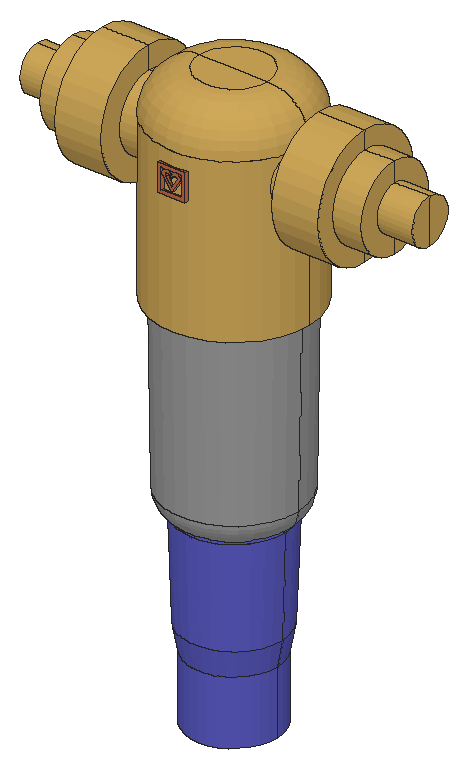
Revit family "Фильтр для холодной воды 0553", category Rohrzubehör, Revit 2018
Family settings
  Bemaßung runder Anschluss = Durchmesser verwenden
  Teiletyp = Unterbricht
  OmniClass-Nummer = 23.65.55.14
  OmniClass-Titel = Valves for Liquid Services
  Arbeitsebenenbasiert = Nein
  Immer vertikal = Ja
  Beim Laden mit Abzugskörper schneiden = Nein
  Gemeinsam genutzt = Nein
Parameters
  Фильтрующий элемент = "нержавеющая сталь, тонкость фильтрации 100 мкм"  # constant formula
  Среда = "Питьевая вода"  # constant formula
  Примечание = "В соответствии со статьей 33 Регламента REACH (Registration; Evaluation; Authorisation; Restriction of Chemicals) (EC № 1907/2006) мы обязаны указать, что свинец внесен в список SVHC (Substances of Very High Concern - вещества очень высокой важности) и весовой процент свинца во всех латунных компонентах заводского изготовления в наших изделиях, превышает 0,1 % (w/w) (CAS: 7439-92-1 / EINECS: 231-100-4).\r\nПоскольку свинец является легирующим компонентом сплава, прямое негативное влияние исключается, и поэтому дополнительной информации о безопасном использовании не требуется."
  Макс. рабочее давление = 1600000.0 Pa  # constant formula
  Макс. рабочая температура = 30 °C  # constant formula
  Корпус = "латунь, CW617N"  # constant formula
  Исполнение = "HERZ-фильтр для воды устанавливается на вводе в здание для предотвращения попадания загрязнений в питьевую воду."
  W02 = 88.00°  # constant formula
  W01 = 89.00°  # constant formula
  VRS01 = 10.000 mm  # constant formula
  SC_NennweiteBerechnet = 0
  SC_Dimension = ""
  SCTWSEQ = "FI;SBT_TYP_FI=\"FI\";2"
  SCTWCODE = "02;00;02"  # constant formula
  S01 [instance] = (L02 + VRL01 + VRL02) - (L01 / 2)  # 24.750 mm
  Модель = "Фильтр для холодной воды с чашей из прозрачного стеклопластика."
  Чаша = "прозрачный, армированный стекловолокном пластик"  # constant formula
  GT [instance] = size_lookup("0553_", "GT", 1.000 mm, Nennweite)  # 11.900 mm
  VRL02 [instance] = size_lookup("0553_", "VRL2", 1.000 mm, Nennweite)  # 21.750 mm
  VRL01 [instance] = size_lookup("0553_", "VRL1", 1.000 mm, Nennweite)  # 15.500 mm
  VRD02 [instance] = size_lookup("0553_", "VRD2", 1.000 mm, Nennweite)  # 14.000 mm
  VRD01 [instance] = size_lookup("0553_", "VRD1", 1.000 mm, Nennweite)  # 20.000 mm
  URL = "www.herz-armaturen.ru"
  T01 = 1.000 mm  # constant formula
  R02 = 8.000 mm  # constant formula
  R01 = 12.500 mm  # constant formula
  Nennweite [instance] = 15.000 mm
  D02 = 22.750 mm  # constant formula
  L02 [instance] = size_lookup("0553_", "L2", 1.000 mm, Nennweite)  # 28.750 mm
  L01 [instance] = size_lookup("0553_", "L1", 1.000 mm, Nennweite)  # 82.500 mm
  Hersteller = "HERZ Armaturen Ges.m.b.H."  # constant formula
  H04 = 174.000 mm  # constant formula
  H03 = 65.500 mm  # constant formula
  H02 = 45.500 mm  # constant formula
  H01 = 23.000 mm  # constant formula
  Номер заказа [instance] = if(Nennweite = 15.000 mm, "I055301", if(Nennweite = 20.000 mm, "I055302", if(Nennweite = 25.000 mm, "I055303", "0")))  # "I055301"
  AG [instance] = Nennweite / 2  # 7.500 mm
  D01 = 25.500 mm  # constant formula
Reference planes
  plane 1 "Mitte (Vorne/hinten)": y = 0
  plane 2: z = 0
  plane 3 "Mitte (Links/rechts)": x = 0
Forms (mm)
  Revolve 1, solid, material "Messing, weicher Gelbton, geschweißt", detail levels fine
    sketch origin (0, 0, 0) x (1, 0, 0) y (0, 0, 1)
      loop
        line (-41.25, 0) -> (41.25, 0) -> (41.25, 12.5) -> (-41.25, 12.5) -> (-41.25, 0)
      axis (-41.25, 0) -> (41.25, 0)
    angle from 0 to 360
  Revolve 2, solid, material "Messing, weicher Gelbton, geschweißt", detail levels fine
    sketch origin (0, 0, 0) x (1, 0, 0) y (0, 0, 1)
      loop
        line (-28.75, 0) -> (-28.75, 20) -> (-44.25, 20) -> (-44.25, 14) -> (-54.1, 14) -> (-54.1, 7.5) -> (-66, 7.5) -> (-66, 0) -> (-28.75, 0)
      axis (-66, 0) -> (-28.75, 0)
    angle from 0 to 360
  Revolve 3, solid, material "Messing, weicher Gelbton, geschweißt", detail levels fine
    sketch origin (0, 0, 0) x (-1, 0, 0) y (0, 0, 1)
      loop
        line (-28.75, 0) -> (-28.75, 20) -> (-44.25, 20) -> (-44.25, 14) -> (-54.1, 14) -> (-54.1, 7.5) -> (-66, 7.5) -> (-66, 0) -> (-28.75, 0)
      axis (-66, 0) -> (-28.75, 0)
    angle from 0 to 360
  Revolve 4, solid, material "Messing, weicher Gelbton, geschweißt", detail levels fine
    sketch origin (0, 0, 0) x (1, 0, 0) y (0, 0, 1)
      loop
        line (0, -45.5) -> (0, 23) -> (-11.5, 23)
        arc (-11.5, 23) -> (-21.399, 18.899) -> (-25.5, 9) r 14
        line (-25.5, 9) -> (-25.5, -45.5) -> (0, -45.5)
      axis (0, 23) -> (0, -45.5)
    angle from 0 to 360
  Revolve 5, solid, material "ABS-Kunststoff", detail levels fine
    sketch origin (0, 0, 0) x (1, 0, 0) y (0, 0, 1)
      loop
        line (0, -45.5) -> (-22.75, -45.5) -> (-21.744, -103.156)
        arc (-21.744, -103.156) -> (-19.53, -108.542) -> (-14.25, -111) r 8
        line (-14.25, -111) -> (0, -111) -> (0, -45.5)
      axis (0, -45.5) -> (0, -111)
    angle from 0 to 360
  Revolve 6, solid, material "Herz-Marineblau", detail levels fine
    sketch origin (0, 0, 0) x (1, 0, 0) y (0, 0, 1)
      loop
        line (-14.75, -174) -> (0, -174) -> (0, -110.996) -> (-17.5, -110.996) -> (-16.347, -144) -> (-14.75, -152.5) -> (-14.75, -174)
      axis (0, -110.996) -> (0, -174)
    angle from 0 to 360
Lines and regions (mm)
  model lines, detail levels coarse+medium
    curve 1: line (-41.25, 0, 23) -> (-41.25, 0, -23)
    curve 2: line (-41.25, 0, -23) -> (41.25, 0, -23)
    curve 3: line (41.25, 0, -23) -> (41.25, 0, 23)
    curve 4: line (41.25, 0, 23) -> (-41.25, 0, 23)
    curve 5: line (41.25, 0, 23) -> (12.5, 0, 0)
    curve 6: line (12.5, 0, 0) -> (41.25, 0, -23)
    curve 7: line (41.25, 0, 23) -> (51.25, 0, 23)
    curve 8: line (51.25, 0, 23) -> (41.25, 0, 0)
    curve 9: line (41.25, 0, -23) -> (51.25, 0, -23)
    curve 10: line (51.25, 0, -23) -> (41.25, 0, 0)
    curve 11: line (41.25, 0, 0) -> (66, 0, 0)
    curve 12: line (-41.25, 0, 23) -> (-51.25, 0, 23)
    curve 13: line (-51.25, 0, 23) -> (-41.25, 0, 0)
    curve 14: line (-41.25, 0, -23) -> (-51.25, 0, -23)
    curve 15: line (-51.25, 0, -23) -> (-41.25, 0, 0)
    curve 16: line (-41.25, 0, 0) -> (-66, 0, 0)
    curve 17: line (-41.25, -23, 0) -> (41.25, -23, 0)
    curve 18: line (-41.25, 23, 0) -> (-41.25, -23, 0)
    curve 19: line (41.25, 23, 0) -> (-41.25, 23, 0)
    curve 20: line (41.25, -23, 0) -> (41.25, 23, 0)
    curve 21: line (41.25, 23, 0) -> (8.232, 0, 0)
    curve 22: line (8.232, 0, 0) -> (41.25, -23, 0)
    curve 23: line (41.25, 23, 0) -> (51.25, 23, 0)
    curve 24: line (51.25, 23, 0) -> (41.25, 0, 0)
    curve 25: line (41.25, -23, 0) -> (51.25, -23, 0)
    curve 26: line (51.25, -23, 0) -> (41.25, 0, 0)
    curve 27: line (-41.25, 23, 0) -> (-51.25, 23, 0)
    curve 28: line (-51.25, 23, 0) -> (-41.25, 0, 0)
    curve 29: line (-41.25, -23, 0) -> (-51.25, -23, 0)
    curve 30: line (-51.25, -23, 0) -> (-41.25, 0, 0)
Dimensions and locks
  "L01": Revolve 1 sketch curve to Revolve 1 sketch curve
  equal spacing: Revolve 1 sketch curve, plane 3 "Mitte (Links/rechts)", Revolve 1 sketch curve
  "R01": Revolve 1 sketch curve to plane 2
  "L02": plane 3 "Mitte (Links/rechts)" to Revolve 2 sketch curve
  "VRL01": Revolve 2 sketch curve to Revolve 2 sketch curve
  "VRL02": Revolve 2 sketch curve to Revolve 2 sketch curve
  "GT": Revolve 2 sketch curve to Revolve 2 sketch curve
  "VRD01": Revolve 2 sketch curve to Revolve 2 sketch curve
  "VRD02": Revolve 2 sketch curve to Revolve 2 sketch curve
  "AG": Revolve 2 sketch curve to Revolve 2 sketch curve
  "VRL01": Revolve 3 sketch curve to Revolve 3 sketch curve
  "VRL02": Revolve 3 sketch curve to Revolve 3 sketch curve
  "GT": Revolve 3 sketch curve to Revolve 3 sketch curve
  "VRD01": Revolve 3 sketch curve to Revolve 3 sketch curve
  "VRD02": Revolve 3 sketch curve to Revolve 3 sketch curve
  "AG": Revolve 3 sketch curve to Revolve 3 sketch curve
  "L02": Revolve 3 sketch curve to plane 3 "Mitte (Links/rechts)"
  "H01": Revolve 4 sketch curve to plane 2
  "D01": Revolve 4 sketch curve to Revolve 4 sketch curve
  "H02": plane 2 to Revolve 4 sketch curve
  "D02": Revolve 5 sketch curve to Revolve 5 sketch curve
  "H02": plane 2 to Revolve 5 sketch curve
  "H03": Revolve 5 sketch curve to Revolve 5 sketch curve
  "H04": plane 2 to Revolve 6 sketch curve
  "D01": nested 1 to plane 1 "Mitte (Vorne/hinten)"
  equal spacing: curve 1, plane 3 "Mitte (Links/rechts)", curve 3
  "H01": curve 4 to level to curve 2
  "L01": curve 1 to curve 3
  "L02": curve 3 to curve 6
  "VRS01": curve 8 to curve 3
  "VRS01": curve 10 to curve 3
  "S01": curve 11 to curve 3
  "VRS01": curve 13 to curve 1
  "VRS01": curve 15 to curve 1
  "S01": curve 16 to Revolve 1
  "L01": curve 18 to curve 20
  equal spacing: curve 18, plane 3 "Mitte (Links/rechts)", curve 20
  "H01": curve 19 to plane 1 "Mitte (Vorne/hinten)" to curve 17
  "VRS01": curve 20 to curve 24
  "VRS01": curve 20 to curve 26
  "VRS01": curve 28 to curve 18
  "VRS01": curve 30 to curve 18
  "R02": radius of Revolve 5 sketch curve
  "W01": angle Revolve 5 sketch curve to Revolve 4
  "W02": angle Revolve 6 sketch curve to Revolve 6 sketch curve
  aligned and locked: level to plane 2
Automatic sketch dimensions
  curve 15 to level = 0.000 mm
  curve 11 to level = 0.000 mm
  curve 8 to level = 0.000 mm
  curve 5 to level = 0.000 mm
  plane 1 "Mitte (Vorne/hinten)" to curve 22 = 0.000 mm
  plane 1 "Mitte (Vorne/hinten)" to curve 28 = 0.000 mm
  plane 1 "Mitte (Vorne/hinten)" to curve 24 = 0.000 mm
  plane 1 "Mitte (Vorne/hinten)" to curve 26 = 0.000 mm
  plane 3 "Mitte (Links/rechts)" to curve 22 = 8.232 mm
  Revolve 1 sketch curve to level = 0.000 mm  (x2)
  Revolve 1 sketch curve to Revolve 1 sketch curve = 1474.830 mm
  Revolve 1 sketch curve to Revolve 1 sketch curve = 1807.448 mm
  Revolve 2 sketch curve to level = 0.000 mm  (x2)
  Revolve 2 sketch curve to Revolve 2 sketch curve = 1440.530 mm
  plane 3 "Mitte (Links/rechts)" to Revolve 2 sketch curve = 1839.148 mm
  Revolve 3 sketch curve to level = 0.000 mm  (x2)
  Revolve 3 sketch curve to Revolve 3 sketch curve = 1440.530 mm
  plane 3 "Mitte (Links/rechts)" to Revolve 3 sketch curve = 1839.148 mm
  Revolve 4 sketch curve to plane 3 "Mitte (Links/rechts)" = 0.000 mm  (x2)
  level to Revolve 4 sketch curve = 9.000 mm
  Revolve 4 sketch curve to Revolve 4 sketch curve = 320.545 mm
  Revolve 4 sketch curve to Revolve 4 sketch curve = 2190.315 mm
  Revolve 5 sketch curve to plane 3 "Mitte (Links/rechts)" = 0.000 mm  (x2)
  Revolve 5 sketch curve to plane 3 "Mitte (Links/rechts)" = 21.744 mm
  Revolve 5 sketch curve to Revolve 5 sketch curve = 7.494 mm
  Revolve 5 sketch curve to Revolve 5 sketch curve = 255.045 mm
  level to Revolve 5 sketch curve = 2214.315 mm
  Revolve 6 sketch curve to plane 3 "Mitte (Links/rechts)" = 0.000 mm  (x2)
  Revolve 6 sketch curve to plane 3 "Mitte (Links/rechts)" = 14.750 mm
  Revolve 6 sketch curve to Revolve 6 sketch curve = 1.597 mm
  Revolve 6 sketch curve to plane 3 "Mitte (Links/rechts)" = 17.500 mm
  Revolve 6 sketch curve to Revolve 6 sketch curve = 21.500 mm
  Revolve 6 sketch curve to Revolve 6 sketch curve = 8.500 mm
  Revolve 6 sketch curve to Revolve 6 sketch curve = 192.045 mm
  level to Revolve 6 sketch curve = 2214.315 mm
Nested families
  nested 1: "Herz-Logo-vorne" at (0, -25.5, 0) x (0, 1, 0) z (0, 0, 1), type "Herz-Logo-vorne", detail levels fine
Connectors
  piping at (-66, 0, 0), diameter 15, driven by "Nennweite"
    settings: on Revolve 2, index 1, connector inside diameter 609.6 mm, connector length 0.000 mm, flow factor 0, pipe flow 0.0 L/s, pressure drop 0.0 Pa, fitting loss kfactor 0, connector angle 0.00°, fixture units 0, engagement length 0.000 mm, angle of deflection 0.00°, flow configuration 0, flow direction 1, fitting loss method 0, system type 20, joint type 0, gender type 0, connector reference index -1, connector utility 0, adjustable connector no, is connector primary yes, connector description ""
  piping at (66, 0, 0), diameter 15, driven by "Nennweite"
    settings: on Revolve 3, index 2, connector inside diameter 609.6 mm, connector length 0.000 mm, flow factor 0, pipe flow 0.0 L/s, pressure drop 0.0 Pa, fitting loss kfactor 0, connector angle 0.00°, fixture units 0, engagement length 0.000 mm, angle of deflection 0.00°, flow configuration 0, flow direction 2, fitting loss method 0, system type 20, joint type 0, gender type 0, connector reference index -1, connector utility 0, adjustable connector no, is connector primary no, connector description ""
Definition of nested family "Herz-Logo-vorne"
  Reference planes
    plane 1 "Mitte (Vorne/hinten)": y = 0
    plane 2: z = 0
    plane 3 "Mitte (Links/rechts)": x = 0
  Forms (mm)
    Extrusion 1, solid
      sketch origin (0.732, -0.018, 0.017) x (0, -1, 0) y (0, 0, 1)
        loop
          line (-0.018, -4.517) -> (4.482, -4.517) -> (4.482, 4.483) -> (-4.518, 4.483) -> (-4.518, -4.517) -> (-0.018, -4.517)
        loop
          line (-0.05, -3.48) -> (3.482, -3.48) -> (3.482, 3.483) -> (-3.518, 3.483) -> (-3.518, -3.48) -> (-0.05, -3.48)
        loop
          arc (-0.018, 2.383) -> (-1.543, 3.287) -> (-3.067, 2.383) r 1.738
          arc (-3.067, 2.383) -> (-3.191, 1.899) -> (-3.067, 1.415) r 1.009
          line (-3.067, 1.415) -> (-0.018, -3.281) -> (3.032, 1.415)
          arc (3.032, 1.415) -> (3.156, 1.899) -> (3.032, 2.383) r 1.009
          arc (3.032, 2.383) -> (1.507, 3.287) -> (-0.018, 2.383) r 1.738
        loop
          arc (1.885, 1.272) -> (2.005, 1.675) -> (1.885, 2.079) r 0.74
          arc (1.885, 2.079) -> (1.265, 2.416) -> (0.644, 2.079) r 0.74
          line (0.644, 2.079) -> (-0.018, 0.97) -> (-0.679, 2.079)
          arc (-0.679, 2.079) -> (-1.3, 2.416) -> (-1.921, 2.079) r 0.74
          arc (-1.921, 2.079) -> (-2.04, 1.675) -> (-1.921, 1.272) r 0.74
          line (-1.921, 1.272) -> (-0.018, -1.658) -> (1.885, 1.272)
      from 0 to 1.5
  Dimensions and locks
    aligned and locked: level to plane 2
